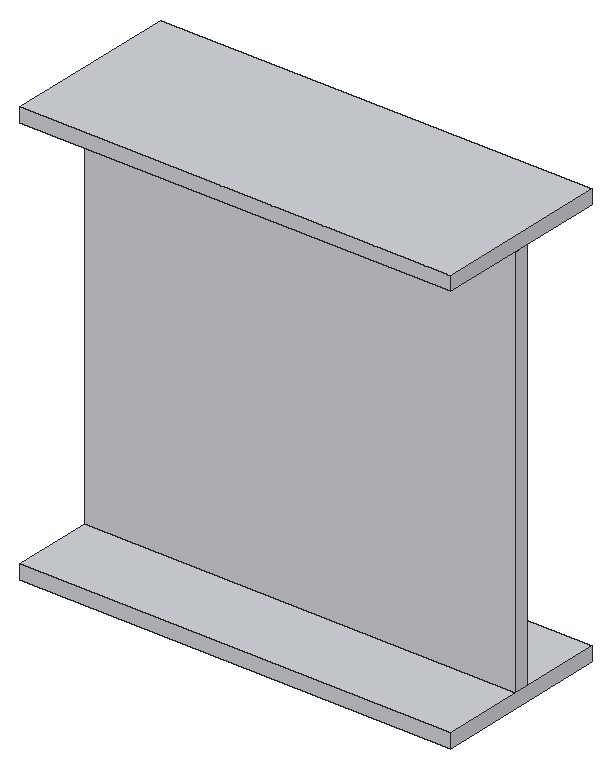
Revit family "StructuralFraming_FabricatedIProfile", category Structural Framing, Revit 2018
Family settings
  Section Shape = I-shape Welded
  Material for Model Behavior = Steel
  Always export as geometry = No
  Always vertical = Yes
  Cut with Voids When Loaded = No
  Symbolic Representation = From Project Settings
  Shared = No
  Show family pre-cut in plan views = Yes
Parameters (values of type "FabricatedIProfile")
  Web Thickness = 40 mm
  built-in parameter 1005532 = 500 mm
  built-in parameter 1005531 = 40 mm
  Structural Material [instance] = none
  Height = 1200 mm
  Centroid Vertical = 600 mm
  built-in parameter 1005534 = 500 mm
  built-in parameter 1005533 = 40 mm
  Assembly Code = ""
  Length [instance] = 1500 mm
Reference planes
  plane 1 "Center (Front/Back)": y = 0
  plane 2: z = 0
  plane 3 "Center (Left/Right)": x = 4.61
  plane 4 "Member Left": x = -604.99
  plane 5 "Member Right": x = 614.21
  plane 6: y = 250
  plane 7: y = -250
  plane 8 "Top": z = 600
  plane 9: z = -600
  plane 10 "Left": x = -757.39
  plane 11 "Right": x = 742.61
  plane 12: y = -250
  plane 13: y = 250
  plane 14: z = 560
  plane 15: z = -560
  plane 16: y = 20
  plane 17: y = -20
Forms (mm)
  Sweep 1, solid, material <- "Structural Material", detail levels medium+fine
    path origin (0, 0, 0) x (1, 0, 0) y (0, 1, 0)
      loop
        line (614.21, 0) -> (-604.99, 0)
    profile origin (4.61, 0, 0) x (0, -1, 0) y (0, 0, 1)
      loop
        line (20, -560) -> (20, 560) -> (-20, 560) -> (-20, -560) -> (20, -560)
  Sweep 2, solid, material <- "Structural Material", detail levels medium+fine
    path origin (0, 0, 0) x (1, 0, 0) y (0, 1, 0)
      loop
        line (-604.99, 0) -> (614.21, 0)
    profile origin (4.61, 0, 0) x (0, 1, 0) y (0, 0, 1)
      loop
        line (250, -560) -> (-250, -560) -> (-250, -600) -> (250, -600) -> (250, -560)
  Sweep 3, solid, material <- "Structural Material", detail levels medium+fine
    path origin (0, 0, 0) x (1, 0, 0) y (0, 1, 0)
      loop
        line (-604.99, 0) -> (614.21, 0)
    profile origin (4.61, 0, 0) x (0, 1, 0) y (0, 0, 1)
      loop
        line (250, 600) -> (-250, 600) -> (-250, 560) -> (250, 560) -> (250, 600)
Lines and regions (mm)
  symbolic lines, style "Hidden Faces", detail levels medium+fine
    curve 1: line (614.21, -20, 0) -> (-604.99, -20, 0)
    curve 2: line (614.21, 20, 0) -> (-604.99, 20, 0)
  symbolic lines, style "Stick Symbols", detail levels coarse
    curve 3: line (4.61, 250, 600) -> (4.61, -250, 600)
    curve 4: line (4.61, -250, -600) -> (4.61, 250, -600)
    curve 5: line (4.61, 0, 600) -> (4.61, 0, -600)
Dimensions and locks
  "built-in parameter 1005532": plane 6 to plane 7
  "Height": plane 9 to plane 8 "Top"
  plane 9 to plane 2 to plane 8 "Top" = 600 mm, 600 mm
  equal spacing: plane 6, plane 1 "Center (Front/Back)", plane 7
  "Length": plane 10 "Left" to plane 11 "Right"
  plane 14 to plane 8 "Top" = 40 mm
  plane 15 to plane 9 = 40 mm
  equal spacing: plane 12, plane 1 "Center (Front/Back)", plane 13
  plane 12 to plane 13 = 500 mm
  equal spacing: plane 16, plane 1 "Center (Front/Back)", plane 17
  "Web Thickness": plane 16 to plane 17
  equal spacing: plane 13, plane 1 "Center (Front/Back)", plane 12
  "built-in parameter 1005531": plane 14 to plane 8 "Top"
  "built-in parameter 1005533": plane 15 to plane 9
  "built-in parameter 1005534": plane 13 to plane 12
  "Centroid Vertical": plane 2 to plane 9
  aligned and locked: Sweep 1 sketch curve to plane 1 "Center (Front/Back)"
  aligned and locked: plane 9 to curve 4
  aligned: Sweep 1 to plane 16
  aligned: Sweep 1 to plane 17
  aligned and locked: plane 13 to curve 4
  aligned and locked: plane 12 to curve 4
  aligned and locked: plane 8 "Top" to curve 3
  aligned and locked: plane 6 to curve 3
  aligned and locked: plane 7 to curve 3
  aligned and locked: plane 17 to Sweep 1 sketch curve
  aligned and locked: plane 15 to Sweep 1 sketch curve
  aligned and locked: plane 16 to Sweep 1 sketch curve
  aligned and locked: curve 5 to plane 1 "Center (Front/Back)"
  aligned and locked: plane 9 to curve 5
  aligned and locked: plane 8 "Top" to curve 5
  aligned and locked: Sweep 1 sketch curve to plane 14
  aligned and locked: curve 2 to Sweep 1
  aligned and locked: curve 1 to Sweep 1
  aligned and locked: plane 1 "Center (Front/Back)" to Sweep 2 sketch curve
  aligned and locked: plane 13 to Sweep 2 sketch curve
  aligned and locked: plane 15 to Sweep 2 sketch curve
  aligned and locked: plane 9 to Sweep 2 sketch curve
  aligned and locked: plane 12 to Sweep 2 sketch curve
  aligned and locked: plane 1 "Center (Front/Back)" to Sweep 3 sketch curve
  aligned and locked: plane 6 to Sweep 3 sketch curve
  aligned and locked: Sweep 3 sketch curve to plane 8 "Top"
  aligned and locked: plane 14 to Sweep 3 sketch curve
  aligned and locked: Sweep 3 sketch curve to plane 7
  aligned and locked: plane 2 to level
  aligned and locked: plane 4 "Member Left" to Sweep 1 sketch curve
  aligned and locked: plane 5 "Member Right" to Sweep 1 sketch curve
  aligned and locked: plane 4 "Member Left" to Sweep 2 sketch curve
  aligned and locked: plane 5 "Member Right" to Sweep 2 sketch curve
  aligned and locked: plane 4 "Member Left" to Sweep 3 sketch curve
  aligned and locked: plane 5 "Member Right" to Sweep 3 sketch curve
  aligned and locked: plane 4 "Member Left" to curve 1
  aligned and locked: plane 5 "Member Right" to curve 1
  aligned and locked: plane 4 "Member Left" to curve 2
  aligned and locked: plane 5 "Member Right" to curve 2
